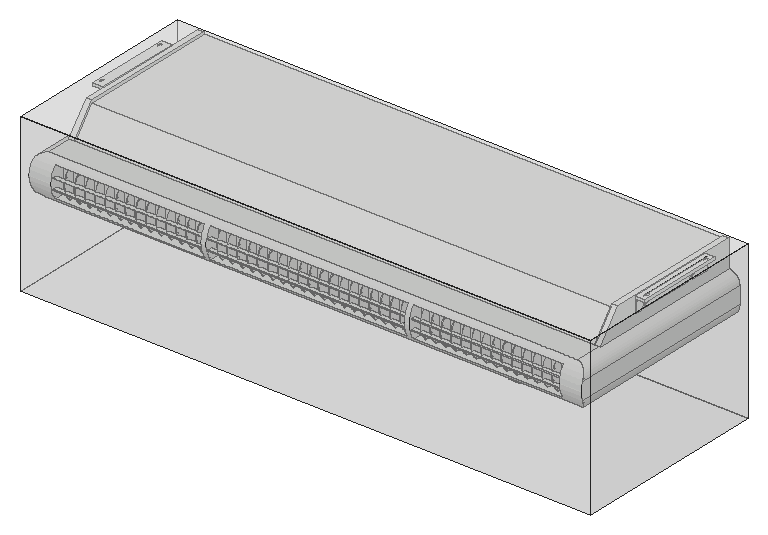
Revit family "outputfile", category 機械設備, Revit 2024 (continued)
Definition of nested family "daikin_connector_rotate3"
  Parameters (values of type "daikin_connector_rotate3")
    show [instance] = yes
    radius [instance] = 10.0 mm
    length [instance] = 600.0 mm
    angle_horizontal [instance] = 60.00°
    angle_vertical [instance] = 90.00°
    Default Elevation = 1219.2 mm
  Reference planes
    plane 1 "Center (Front/Back)": y = 0
    plane 2: z = 0
    plane 3 "Center (Left/Right)": x = 0
  Dimensions and locks
    "angle_horizontal": angle plane 3 "Center (Left/Right)" to nested 1
    aligned and locked: level to plane 2
    aligned and locked: plane 1 "Center (Front/Back)" to nested 1  (x2)
    aligned and locked: plane 3 "Center (Left/Right)" to nested 1
  Nested families
    nested 1: "daikin_connector_rotate2" at (0, 0, 0) x (0.5, 0.866, 0) z (0, 0, 1), angle_vertical <- "angle_vertical", length <- "length", radius <- "radius", type "daikin_connector_rotate2"
      with radius 10.0 mm, length 600.0 mm, angle_vertical 90.00°
  Definition of nested family "daikin_connector_rotate2"
    Parameters (values of type "daikin_connector_rotate2")
      show_face = yes
      radius [instance] = 10.0 mm
      length [instance] = 600.0 mm
      d_surface = 10.0 mm
      angle_vertical [instance] = 90.00°
      Default Elevation = 0.0 mm
    Reference planes
      plane 1 "Center (Front/Back)": y = 0
      plane 2: z = 0
      plane 3 "Center (Left/Right)": x = 0
    Forms (mm)
      Extrusion 1, solid, visible <- "show_face"
        sketch origin (0, -600, 0) x (1, 0, 0) y (0, 0, 1)
          loop
            circle (0, 0) r 10
        from 0 to -10
    Lines and regions (mm)
      reference lines
        curve 1: line (0, 0, 0) -> (0, -600, 0)
      symbolic lines
        curve 2: circle (0, 0, 0) r 5 normal (0, 0, 1)
      model lines, visible <- "show_face"
        curve 3: line (0, 0, 0) -> (0, -600, 0)
    Dimensions and locks
      "length": curve 1 to curve 1
      "length": curve 3 to curve 3
      "d_surface": Extrusion 1 to Extrusion 1
      "radius": radius of Extrusion 1 sketch curve
      "angle_vertical": angle curve 1 to plane 1 "Center (Front/Back)"
      "angle_vertical": angle curve 3 to plane 1 "Center (Front/Back)"
      aligned and locked: level to plane 2
      aligned and locked: plane 1 "Center (Front/Back)" to curve 1
      aligned and locked: plane 2 to curve 1
      aligned and locked: plane 1 "Center (Front/Back)" to curve 2
      aligned and locked: plane 3 "Center (Left/Right)" to curve 2
      aligned and locked: plane 1 "Center (Front/Back)" to curve 3
      aligned and locked: plane 2 to curve 3
      aligned and locked: Extrusion 1 to Extrusion 1
    Automatic sketch dimensions
      Extrusion 1 sketch curve to level = 0.0 mm
      Extrusion 1 sketch curve to plane 3 "Center (Left/Right)" = 0.0 mm
      radius of curve 2 = 5.0 mm
Definition of nested family "daikin_mountinghole"
  Parameters (values of type "daikin_mountinghole")
    Default Elevation = 1219.2 mm
    Type Comments = "mountinghole"
    show [instance] = yes
    material = none
    l_centerline = 100.0 mm
    l_antenna [instance] = 100.0 mm
    h_mountinghole [instance] = 0.0 mm
    d_circle = 30.0 mm
    Link_Nested Family [instance] = ""
  Reference planes
    plane 1 "Center (Front/Back)": y = 0
    plane 2: z = 0
    plane 3 "Center (Left/Right)": x = 0
    plane 4: y = 50
    plane 5: x = -50
    plane 6: x = 50
    plane 7: y = -50
    plane 8 "h_mountinghole": z = 0
    plane 9: z = 100
  Lines and regions (mm)
    model lines, detail levels fine
      curve 1: circle (0, 0, 0) r 15 normal (0, 0, 1)
      curve 2: line (-50, 0, 0) -> (50, 0, 0)
      curve 3: line (0, 50, 0) -> (0, -50, 0)
    symbolic lines, detail levels fine
      curve 4: circle (0, 0, 0) r 15 normal (0, 0, 1)
      curve 5: line (-50, 0, 0) -> (50, 0, 0)
      curve 6: line (0, 50, 0) -> (0, -50, 0)
    model lines
      curve 7: line (0, 0, 100) -> (0, 0, 0)
  Dimensions and locks
    equal spacing: plane 4, plane 1 "Center (Front/Back)", plane 7
    "l_centerline": plane 4 to plane 7
    equal spacing: plane 5, plane 3 "Center (Left/Right)", plane 6
    "l_centerline": plane 5 to plane 6
    "l_antenna": plane 9 to plane 8 "h_mountinghole"
    "h_mountinghole": plane 8 "h_mountinghole" to plane 2
    "d_circle": diameter of curve 1
    "d_circle": diameter of curve 4
    aligned and locked: level to plane 2
    aligned and locked: plane 1 "Center (Front/Back)" to curve 1
    aligned and locked: plane 3 "Center (Left/Right)" to curve 1
    aligned and locked: plane 1 "Center (Front/Back)" to curve 2
    aligned and locked: curve 3 to plane 3 "Center (Left/Right)"
    aligned and locked: plane 6 to curve 2
    aligned and locked: plane 5 to curve 2
    aligned and locked: plane 4 to curve 3
    aligned and locked: plane 7 to curve 3
    aligned and locked: plane 1 "Center (Front/Back)" to curve 4
    aligned and locked: plane 3 "Center (Left/Right)" to curve 4
    aligned and locked: plane 6 to curve 5
    aligned and locked: plane 5 to curve 5
    aligned and locked: plane 1 "Center (Front/Back)" to curve 5
    aligned and locked: plane 4 to curve 6
    aligned and locked: plane 7 to curve 6
    aligned and locked: curve 6 to plane 3 "Center (Left/Right)"
    aligned and locked: curve 7 to plane 3 "Center (Left/Right)"
    aligned and locked: plane 9 to curve 7
    aligned and locked: plane 8 "h_mountinghole" to curve 7
